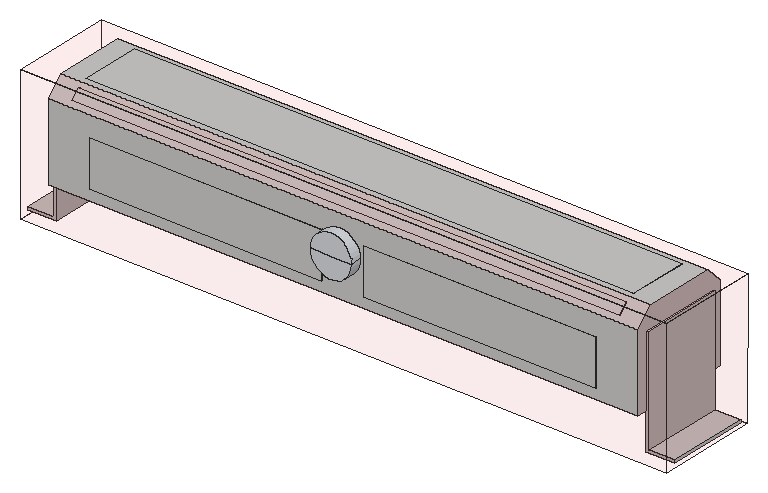
Revit family "Air-Curtain_Window-PassThru_PoweredAire_PTW", category Mechanical Equipment, host Face, Revit 2018
Family settings
  Host = Face
  Round Connector Dimension = Use Diameter
  Part Type = Normal
  OmniClass Number = 23.75.35.17.21
  OmniClass Title = Air Curtains
  Cut with Voids When Loaded = No
  Shared = No
  Room Calculation Point = No
Parameters (values of type "Elec Heat")
  Warranty Duration (Years) = 0
  Mounting Above Unit [instance] = not(Mounting Behind Unit)  # no
  Unit Width Notes = "Other Widths available."  # constant formula
  Unit Width = 2' - 7 1/4"
  Unit Weight = 21
  Unit Height = 0' - 4 15/16"
  Unit Depth = 0' - 4 1/2"
  URL = "http://www.poweredaire.com/"
  Test Data = ""
  Standards Conformance = "ETL  ;  Made in USA"
  Specification = "http://www.arcat.com/sdspecs/htm04/23_34_33pai.htm"
  SpecWizard = ""
  Sound Pressure = "50 dBA"
  Sales Information = "http://www.poweredaire.com/contact_us"
  Revision = "R1_2016-08"
  Projection from Host [instance] = 0' - 2"
  Product Properties = ""
  Product Data = "http://www.arcat.com/arcatcos/cos47/arc47623.html"
  Power Rating = 107 W
  Nozzle Width = if(1 = 1, Unit Width - 0' 1", 0' 0")  # 2' - 6 1/4"
  Mounting Width = if(1 = 1, Unit Width - 0' 0 15/16", 0' 0")  # 2' - 6 5/16"
  Mounting Height [instance] = 3' - 6"
  Mounting Behind Unit [instance] = yes
  Model = "PTW-24E"
  Max Height = 3' - 6"
  Manufacturer Website = "http://www.poweredaire.com/"
  Manufacturer Phone - Toll Free = "888-321-2473"
  Manufacturer Phone = "724-588-3305"
  Manufacturer Fax = "724-588-3371"
  Manufacturer Address = "109 Mortensen Rd.  Greenville, PA 16125"
  Manufacturer = "Powered Aire, Inc"
  Maintenance Schedule (Months) = 0
  Keynote = "23 34 33"
  Installation-Fabrication = ""
  Installation Phase = ""
  Include Clearance [instance] = yes
  Heating Element Load = 1200 W
  HVAC_Temperature Rise = 11 °F
  HVAC_Outlet Volume = 360 CFM
  HVAC_Outlet Velocity Uniformity = 0
  HVAC_Outlet Velocity = 1700 FPM
  Green Building-LEED = "http://www.arcat.com/green/clients/leed_data_47623.html"
  Front Grating Material [instance] = Metal - Steel - PoweredAire - Stainless 304 Perforated
  Frame Finish [instance] = Metal - Steel - PoweredAire - Stainless 304
  Expected Lifespan (Years) = 0
  Electrical_Wattage [instance] = Power Rating + Heating Element Load  # 1307 W
  Electrical_Voltage = 120 V
  Electrical_Phase [instance] = 1
  Electrical_Frequency [instance] = 0 Hz
  Electrical_Amperage = 11.2 A
  Drawn By = "Sumex Design, Inc. / Robert S. Weygant, CSI, CDT, SCIP"
  Description = "Powered Aire Electrically Heated PassThru Window Air Curtain - PTW-24E as Specified"
  Default Elevation = 0' - 0"  # constant formula
  Copyright = "©Arcat Inc."
  Construction Details = "http://www.arcat.com/details/powair/prod3336.html"
  Clearance_Top [instance] = 0' - 0"
  Clearance_Side B [instance] = 0' - 0"
  Clearance_Side A [instance] = 0' - 0"
  Clearance_Intake [instance] = 0' - 0"
  Clearance_Bottom [instance] = 0' - 0"
  Clearance Material [instance] = ARCAT Clearance
  Building Codes = ""
  Available Options [instance] = "as Specified"
  Assembly Code = "D3090400"
Types (2): name | Unit Width | Unit Weight | Nozzle Width | Mounting Width | Model | Heating Element Load | HVAC_Temperature Rise | Electrical_Wattage | Electrical_Amperage | Description
  Elec Heat | 2' - 7 1/4" | 21 | 2' - 6 1/4" | 2' - 6 5/16" | "PTW-24E" | 1200 W | 11 °F | 1307 W | 11.2 A | "Powered Aire Electrically Heated PassThru Window Air Curtain - PTW-24E as Specified"
  Unheated | 2' - 5 1/4" | 13 | 2' - 4 1/4" | 2' - 4 5/16" | "PTW-24" | 0 W | 0 °F | 107 W | 1.7 A | "Powered Aire Unheated PassThru Window Air Curtain - PTW-24 as Specified"
Reference planes (in)
  plane 1 "Center (Elevation)": y = 0.13818
  plane 2: z = 0
  plane 3 "Center (Left/Right)": x = 0
  plane 4: y = 2.60693
  plane 5: y = -2.33057
  plane 6: x = -15.625
  plane 7: x = 15.625
  plane 8: z = 6.5
  plane 9 "FF": y = -41.86182
  plane 10: z = 2
  plane 11: x = 14.25
  plane 12: x = -14.25
  plane 13: y = 2.60693
  plane 14: y = -2.33057
  plane 15: x = -15.625
  plane 16: x = 15.625
  plane 17: z = 6.5
  plane 18: z = 4.25
Forms (in)
  Extrusion 1, solid, material "ARCAT Clearance" <- "Clearance Material", visible <- "Include Clearance"
    sketch origin (0, 0, 0) x (0, 1, 0) y (0, 0, 1)
      loop
        line (-2.33057, 6.5) -> (-2.33057, 0) -> (2.60693, 0) -> (2.60693, 6.5) -> (-2.33057, 6.5)
    from -15.625 to 15.625
  Extrusion 2, solid, material "Metal - Steel - PoweredAire - Stainless 304" <- "Frame Finish"
    sketch origin (0, 0, 0) x (0, 1, 0) y (0, 0, 1)
      loop
        line (-2.33057, 2) -> (2.60693, 2) -> (2.60693, 5.75) -> (1.85693, 6.5) -> (-1.58057, 6.5) -> (-2.33057, 5.75) -> (-2.33057, 2)
    from -14.25 to 14.25
  Extrusion 3, solid, material "Metal - Steel - PoweredAire - Stainless 304" <- "Frame Finish", visible <- "Mounting Behind Unit"
    sketch origin (0, 0.13818, 0) x (1, 0, 0) y (0, 0, 1)
      loop
        line (-14.25, 5.5) -> (-14.375, 5.5) -> (-14.375, 0.375) -> (-15.625, 0.375) -> (-15.625, 0.25) -> (-14.25, 0.25) -> (-14.25, 5.5)
      loop
        line (14.25, 5.5) -> (14.25, 0.25) -> (15.625, 0.25) -> (15.625, 0.375) -> (14.375, 0.375) -> (14.375, 5.5) -> (14.25, 5.5)
    from 2 to -2
  Extrusion 4, solid, material "Metal - Steel - PoweredAire - Stainless 304" <- "Frame Finish", visible <- "Mounting Above Unit"
    sketch origin (0, 4.38818, 4.23682) x (0, -1, 0) y (1, 0, 0)
      loop
        line (5.5, -14.25) -> (0.25, -14.25) -> (0.25, -15.625) -> (0.375, -15.625) -> (0.375, -14.375) -> (5.5, -14.375) -> (5.5, -14.25)
      loop
        line (5.5, 14.25) -> (5.5, 14.375) -> (0.375, 14.375) -> (0.375, 15.625) -> (0.25, 15.625) -> (0.25, 14.25) -> (5.5, 14.25)
    from 2 to -2
  Extrusion 5, solid, material "Metal - Steel - PoweredAire - Stainless 304 Perforated" <- "Front Grating Material"
    sketch origin (0, 1.60693, 6.5) x (0, -1, 0) y (1, 0, 0)
      loop
        line (2.9375, 13.25) -> (0, 13.25) -> (0, -13.25) -> (2.9375, -13.25) -> (2.9375, 13.25)
    from 0 to 0.03125
  Extrusion 6, solid, material "Metal - Steel - PoweredAire - Stainless 304 Perforated" <- "Front Grating Material"
    sketch origin (0, 2.98193, 5.375) x (0, -0.707107, 0.707107) y (1, 0, 0)
      loop
        line (0.78033, -13.25) -> (1.34099, -13.25) -> (1.34099, 13.25) -> (0.78033, 13.25) -> (0.78033, -13.25)
    from 0 to 0.03125
  Extrusion 7, solid, material "Metal - Steel - PoweredAire - Stainless 304 Perforated" <- "Front Grating Material"
    sketch origin (0, -2.64307, 5.4375) x (0, 0.707107, 0.707107) y (-1, 0, 0)
      loop
        line (1.2526, 13.25) -> (0.69194, 13.25) -> (0.69194, -13.25) -> (1.2526, -13.25) -> (1.2526, 13.25)
    from 0 to 0.03125
  Extrusion 8, solid, material "Metal - Steel - PoweredAire - Stainless 304 Perforated" <- "Front Grating Material"
    sketch origin (0, -2.33057, 2) x (0, 0, 1) y (-1, 0, 0)
      loop
        line (2.75, 12.25) -> (0.5, 12.25) -> (0.5, 1) -> (2.75, 1) -> (2.75, 12.25)
      loop
        line (0.5, -12.25) -> (2.75, -12.25) -> (2.75, -1) -> (0.5, -1) -> (0.5, -12.25)
    from 0 to 0.03125
  Revolve 9, solid
    sketch origin (0, -3.61244, 4.25) x (0, -1, 0) y (1, 0, 0)
      loop
        line (-1.28187, 0) -> (-1.28187, -0.25) -> (-1.04725, -0.25) -> (-1.04725, -1) -> (-0.53187, -1) -> (-0.53187, 0) -> (-1.28187, 0)
      axis (-1.28187, 0) -> (-0.53187, 0)
    angle from 0 to 360
Dimensions and locks (in)
  equal spacing: plane 4, plane 1 "Center (Elevation)", plane 5
  "Unit Height": plane 4 to plane 5
  equal spacing: plane 6, plane 3 "Center (Left/Right)", plane 7
  "Unit Width": plane 6 to plane 7
  "Mounting Height": plane 1 "Center (Elevation)" to plane 9 "FF"
  "Projection from Host": plane 10 to level
  "Unit Depth": plane 8 to plane 10
  locked: plane 6 to plane 12 at 1.375
  locked: plane 11 to plane 7 at 1.375
  "Clearance_Side A": plane 7 to plane 16
  "Clearance_Side B": plane 15 to plane 6
  "Clearance_Top": plane 13 to plane 4
  "Clearance_Bottom": plane 5 to plane 14
  "Clearance_Intake": plane 17 to plane 8
  Extrusion 4 sketch curve to Extrusion 4 sketch curve to Extrusion 4 sketch curve to plane 5 = 0' - 0 1/8" locked, 0' - 5 1/8" locked, 0' - 1 7/32" locked  (x2)
  plane 8 to Extrusion 3 sketch curve to Extrusion 3 sketch curve to Extrusion 3 sketch curve = 0' - 1" locked, 0' - 5 1/8" locked, 0' - 0 1/8" locked  (x2)
  plane 12 to Extrusion 3 sketch curve to Extrusion 3 sketch curve to Extrusion 3 sketch curve = 0' - 0" locked, 0' - 0 1/8" locked, 0' - 1 1/4" locked
  Extrusion 3 sketch curve to Extrusion 3 sketch curve to plane 11 to Extrusion 3 sketch curve = 0' - 1 1/4" locked, 0' - 0 1/8" locked, 0' - 0" locked
  plane 11 to Extrusion 4 sketch curve to Extrusion 4 sketch curve to Extrusion 4 sketch curve = 0' - 0" locked, 0' - 0 1/8" locked, 0' - 1 1/4" locked
  Extrusion 4 sketch curve to Extrusion 4 sketch curve to plane 12 to Extrusion 4 sketch curve = 0' - 1 1/4" locked, 0' - 0 1/8" locked, 0' - 0" locked
  locked: plane 3 "Center (Left/Right)" to Extrusion 8 sketch curve at 1
  locked: Extrusion 8 sketch curve to plane 3 "Center (Left/Right)" at 1
  locked: Extrusion 8 sketch curve to plane 12 at 2
  locked: plane 11 to Extrusion 8 sketch curve at 2
  equal spacing: plane 8, plane 18, plane 10
  aligned and locked: plane 2 to host face
  aligned and locked: level to host face
  aligned and locked: Extrusion 1 sketch curve to plane 17
  aligned and locked: plane 14 to Extrusion 1 sketch curve
  aligned and locked: level to Extrusion 1 sketch curve
  aligned and locked: Extrusion 1 sketch curve to plane 13
  aligned and locked: plane 16 to Extrusion 1
  aligned and locked: Extrusion 1 to plane 15
  aligned and locked: Extrusion 2 to plane 12
  aligned and locked: plane 11 to Extrusion 2
Automatic sketch dimensions
  host sketch curve to host sketch curve = 8' - 0"  (x2)
  Extrusion 2 sketch curve to plane 5 = 0' - 0"
  Extrusion 2 sketch curve to plane 8 = 0' - 0"
  Extrusion 2 sketch curve to plane 4 = 0' - 0"
  Extrusion 2 sketch curve to plane 10 = 0' - 0"
  plane 5 to Extrusion 2 sketch curve = 0' - 0 3/4"
  Extrusion 2 sketch curve to plane 4 = 0' - 0 3/4"
  Extrusion 2 sketch curve to plane 8 = 0' - 0 3/4"  (x2)
  Extrusion 2 to Extrusion 5 sketch curve = 0' - 1"  (x2)
  Extrusion 2 to Extrusion 5 sketch curve = 0' - 0 1/4"
  Extrusion 5 sketch curve to Extrusion 2 = 0' - 0 1/4"
  Extrusion 2 to Extrusion 6 sketch curve = 0' - 1"  (x2)
  Extrusion 2 to Extrusion 6 sketch curve = 0' - 0 1/4"
  Extrusion 6 sketch curve to Extrusion 2 = 0' - 0 1/4"
  Extrusion 2 to Extrusion 7 sketch curve = 0' - 1"  (x2)
  Extrusion 2 to Extrusion 7 sketch curve = 0' - 0 1/4"  (x2)
  Extrusion 8 sketch curve to Extrusion 2 = 0' - 0 1/2"  (x2)
  Extrusion 8 sketch curve to Extrusion 2 = 0' - 1"  (x2)
  Revolve 9 sketch curve to plane 3 "Center (Left/Right)" = 0' - 0"  (x2)
  Revolve 9 sketch curve to plane 5 = 0' - 0"
  Revolve 9 sketch curve to plane 5 = 0' - 0.23461"
  Revolve 9 sketch curve to Revolve 9 sketch curve = 0' - 0.51539"
  Revolve 9 sketch curve to Revolve 9 sketch curve = 0' - 0 1/4"
  Revolve 9 sketch curve to Revolve 9 sketch curve = 0' - 0 3/4"
  plane 1 "Center (Elevation)" to Revolve 9 sketch curve = 0' - 0 7/32"
  plane 14 to Revolve 9 sketch curve = 0' - 0 1/2"
